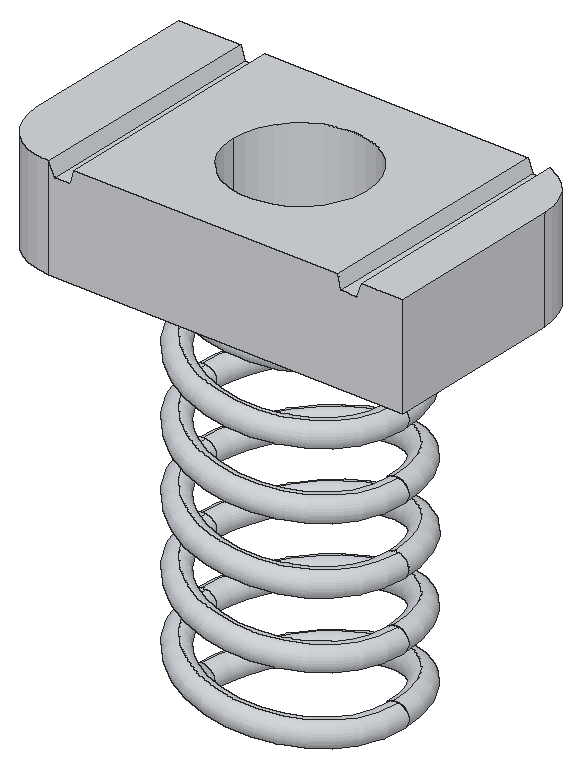
Revit family "CS30", category Generic Models, Revit 2017
Family settings
  Can host rebar = No
  Round Connector Dimension = Use Diameter
  Part Type = Normal
  Work Plane-Based = Yes
  Always vertical = No
  Cut with Voids When Loaded = No
  Shared = No
  Room Calculation Point = No
Parameters (values of type "NBS Standard Parameters")
  Weight = "0.375Kg"
  WarrantyStartDate [instance] = "1900-12-31T23:59:59"
  WarrantyGuarantorParts = "n/a"
  WarrantyGuarantorLabor = "n/a"
  WarrantyDurationUnit = "year"
  WarrantyDurationParts = "n/a"
  WarrantyDurationLabor = "n/a"
  WarrantyDescription = "n/a"
  Version = "1"
  Uniclass2 = "PR_65_70_11_19"
  TagNumber [instance] = "n/a"
  SustainabilityPerformance = "n/a"
  Size = "M10"
  Shape = "Rectangular"
  SerialNumber [instance] = "n/a"
  Revision = "n/a"
  ReplacementCost = "n/a"
  ProductInformation = ""
  NominalWidth = 19.5 mm
  NominalLength = 34.5 mm
  NominalHeight = 8 mm
  Name = ""
  NBSTypeID = ""
  NBSReference = "90-55-10/305"
  NBSOfficeMasterTag = ""
  NBSNote = ""
  NBSDescription = "Channel Cable Support"
  NBSCertification = ""
  ModelReference = "CS30"
  ModelNumber = "n/a"
  Material = "Steel"
  ManufacturerURL = "www.metpro.co.uk"
  ManufacturerName = "Metpro"
  InstallationDate [instance] = "1900-12-31T23:59:59"
  IfcExportType = ""
  IfcExportAs = ""
  Grade = "n/a"
  Finish = "BZP"
  Features = "n/a"
  ExpectedLife = "n/a"
  DurationUnit = "year"
  Description = "NBS standard template"
  Default Elevation = 1219.2 mm
  Constituents = "n/a"
  Color = "n/a"
  CodePerformance = "n/a"
  Category = "n/a"
  BarCode [instance] = "n/a"
  BIMObjectName = "Role_Source_Type_Generic"
  Author = "Metpro Limited"
  AssetType = ""
  AssetIdentifier [instance] = "n/a"
  AccessibilityPerformance = "n/a"
Reference planes
  plane 1 "Center (Front/Back)": y = 0
  plane 2: z = 0
  plane 3 "Center (Left/Right)": x = 0
Forms (mm)
  Sweep 1, solid
    path origin (-93.594, 121.193, 18.805) x (0, -1, 0.000002) y (-0.984808, 0, 0.173648)
      loop
        arc (100.907, -53) -> (108.907, -45) -> (100.907, -37) r 8
    profile origin (-49.278, 12.285, 10.991) x (0, 1, -0.000002) y (-0.173648, -0.000002, -0.984808)
      loop
        circle (0, 0) r 1
  Sweep 2, solid
    path origin (-93.633, -80.622, 0.404) x (0, 1, -0.000002) y (0.984808, 0, 0.173648)
      loop
        arc (100.907, 53) -> (108.907, 45) -> (100.907, 37) r 8
    profile origin (-49.317, 28.285, 8.218) x (0, 1, -0.000002) y (0.173648, -0.000002, -0.984808)
      loop
        circle (0, 0) r 1
  Sweep 3, solid
    path origin (-93.594, 121.193, 13.307) x (0, -1, 0.000002) y (-0.984808, 0, 0.173648)
      loop
        arc (100.907, -53) -> (108.907, -45) -> (100.907, -37) r 8
    profile origin (-49.278, 12.285, 5.493) x (0, 1, -0.000002) y (-0.173648, -0.000002, -0.984808)
      loop
        circle (0, 0) r 1
  Sweep 4, solid
    path origin (-93.633, -80.622, -5.094) x (0, 1, -0.000002) y (0.984808, 0, 0.173648)
      loop
        arc (100.907, 53) -> (108.907, 45) -> (100.907, 37) r 8
    profile origin (-49.317, 28.285, 2.72) x (0, 1, -0.000002) y (0.173648, -0.000002, -0.984808)
      loop
        circle (0, 0) r 1
  Sweep 5, solid
    path origin (-93.594, 121.193, 7.83) x (0, -1, 0.000002) y (-0.984808, 0, 0.173648)
      loop
        arc (100.907, -53) -> (108.907, -45) -> (100.907, -37) r 8
    profile origin (-49.278, 12.285, 0.016) x (0, 1, -0.000002) y (-0.173648, -0.000002, -0.984808)
      loop
        circle (0, 0) r 1
  Sweep 6, solid
    path origin (-93.633, -80.622, -10.571) x (0, 1, -0.000002) y (0.984808, 0, 0.173648)
      loop
        arc (100.907, 53) -> (108.907, 45) -> (100.907, 37) r 8
    profile origin (-49.317, 28.285, -2.757) x (0, 1, -0.000002) y (0.173648, -0.000002, -0.984808)
      loop
        circle (0, 0) r 1
  Sweep 7, solid
    path origin (-93.594, 121.193, 2.367) x (0, -1, 0.000002) y (-0.984808, 0, 0.173648)
      loop
        arc (100.907, -53) -> (108.907, -45) -> (100.907, -37) r 8
    profile origin (-49.278, 12.285, -5.447) x (0, 1, -0.000002) y (-0.173648, -0.000002, -0.984808)
      loop
        circle (0, 0) r 1
  Sweep 8, solid
    path origin (-93.594, -80.622, -16.034) x (0, 1, -0.000002) y (0.984808, 0, 0.173648)
      loop
        arc (100.907, 53) -> (108.907, 45) -> (100.907, 37) r 8
    profile origin (-49.278, 28.285, -8.22) x (0, 1, -0.000002) y (0.173648, -0.000002, -0.984808)
      loop
        circle (0, 0) r 1
  Sweep 9, solid
    path origin (-93.594, 121.193, -3.116) x (0, -1, 0.000002) y (-0.984808, 0, 0.173648)
      loop
        arc (100.907, -53) -> (108.907, -45) -> (100.907, -37) r 8
    profile origin (-49.278, 12.285, -10.93) x (0, 1, -0.000002) y (-0.173648, -0.000002, -0.984808)
      loop
        circle (0, 0) r 1
  Sweep 10, solid
    path origin (-93.633, -80.622, -21.517) x (0, 1, -0.000002) y (0.984808, 0, 0.173648)
      loop
        arc (100.907, 53) -> (108.907, 45) -> (100.907, 37) r 8
    profile origin (-49.317, 28.285, -13.703) x (0, 1, -0.000002) y (0.173648, -0.000002, -0.984808)
      loop
        circle (0, 0) r 1
  Extrusion 11, solid
    sketch origin (-57.157, 20.285, 12.38) x (-0.173648, -0.000002, -0.984808) y (-0.984808, 0, 0.173648)
      loop
        line (0.158, -0.256) -> (-1.146, 1.606) -> (-1.587, -0.891) -> (0.158, -0.256)
    from 0 to 0.704
  Extrusion 12, solid
    sketch origin (-56.003, 20.285, 13.788) x (-1, 0, 0) y (0, -1, 0.000002)
      loop
        line (-17.868, -9.846) -> (11.132, -9.846) -> (11.132, 4.654)
        arc (11.132, 4.654) -> (9.668, 8.189) -> (6.132, 9.654) r 5
        line (6.132, 9.654) -> (-22.868, 9.654) -> (-22.868, -4.846)
        arc (-22.868, -4.846) -> (-21.403, -8.382) -> (-17.868, -9.846) r 5
      loop
        circle (-6.725, 0) r 5.5
    from -2.362 to 5.968
  Blend 13, void
    base sketch origin (-56.003, 20.286, 19.755) x (1, 0, 0) y (0, -1, 0.000002)
      loop
        line (-4.351, 10.616) -> (-5.663, 10.616) -> (-5.663, -11.971) -> (-4.351, -11.971) -> (-4.351, 10.616)
    top sketch origin (-56.003, 20.286, 19.755) x (1, 0, 0) y (0, -1, 0.000002)
      loop
        line (-3.927, 10.616) -> (-6.171, 10.616) -> (-6.171, -11.971) -> (-3.927, -11.971) -> (-3.927, 10.616)
    from 1.069 to -0.53
  Sweep 14, solid
    path origin (-93.594, 121.193, -8.668) x (0, -1, 0.000002) y (-0.984808, 0, 0.173648)
      loop
        arc (100.907, -53) -> (108.907, -45) -> (100.907, -37) r 8
    profile origin (-49.278, 12.285, -16.482) x (0, 1, -0.000002) y (-0.173648, -0.000002, -0.984808)
      loop
        circle (0, 0) r 1
  Sweep 15, solid
    path origin (-93.633, -80.622, -27.069) x (0, 1, -0.000002) y (0.984808, 0, 0.173648)
      loop
        arc (100.907, 53) -> (108.907, 45) -> (100.907, 37) r 8
    profile origin (-49.317, 28.285, -19.255) x (0, 1, -0.000002) y (0.173648, -0.000002, -0.984808)
      loop
        circle (0, 0) r 1
  Extrusion 16, void
    sketch origin (-68.135, 10.632, 13.788) x (-1, 0, 0) y (0, 0.000002, 1)
      loop
        line (-31.246, 4.898) -> (-29.933, 4.898) -> (-29.51, 6.498) -> (-31.754, 6.498) -> (-31.246, 4.898)
    from 0 to 20.264
Cuts and joins
  Blend 13, Extrusion 16 cuts Extrusion 12
Lines and regions (mm)
  model lines
    curve 1: line (-40.415, 20.285, 9.428) -> (-43.857, 20.285, 9.428)
    curve 2: line (-40.415, 20.285, 3.93) -> (-43.857, 20.285, 3.93)
    curve 3: line (-40.415, 20.285, -1.547) -> (-43.857, 20.285, -1.547)
Dimensions and locks
  aligned and locked: level to plane 2
